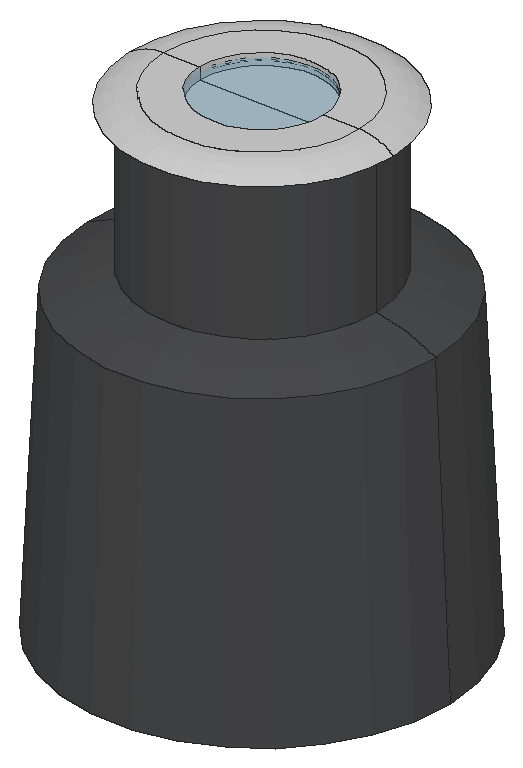
Revit family "INGROUND 2W SIMETRICA_LKB0116WW.20", category Luminarias, Revit 2019
Family settings
  Cota de conector redondo = Diámetro de uso
  Tipo de pieza = Normal
  Se basa en plano de trabajo = Sí
  Siempre vertical = No
  Corte con vacíos al cargar = No
  Origen de luz = Sí
  Compartido = No
  Punto de cálculo de habitación = No
Parameters (values of type "EMP_LKB0116WW.20")
  Ángulo de inclinación = 30.00°
  Zone [instance] = ""
  Watt per fixture = 3
  Wattage = 3 W
  built-in parameter 1150107 = 3000 (stored number, unit not read)
  built-in parameter 1150110 = 1 (stored number, unit not read)
  built-in parameter 1150109 = 1 (stored number, unit not read)
  built-in parameter 1150112 = 1 (stored number, unit not read)
  built-in parameter 1150113 = 1 (stored number, unit not read)
  built-in parameter 1114218 = 1 (stored number, unit not read)
  Keynote = ""
  built-in parameter 1150137 = (empty or 0)
  built-in parameter 1150132 = (empty or 0)
  Modelo = "LKB0116WW.20"
  Lámpara = "OSRAM"
  built-in parameter 1150105 = 11.378 (stored number, unit not read)
  built-in parameter 1150102 = (empty or 0)
  built-in parameter 1150106 = 0.11378 (stored number, unit not read)
  Lumens = 142.98 lm
  Color Filter = 16777215
  built-in parameter 1114217 = 1 (stored number, unit not read)
  built-in parameter 1150139 = (empty or 0)
  Fabricante = "BRILLANT"
  Default Elevation = 0 mm
  built-in parameter 1150104 = 4.4278 (stored number, unit not read)
  Descripción = "LUMINARIA TIPO CIRCULAR PARA EMPOTRAR EN PISO CON CUERPO DE ALUMINIO FUNDIDO A PRESION CUBIERTO CON POLVO GRIS OSCURO, CON CUBIERTA DE ACERO INOXIDABLE Y VIDRIO TEMPLADO DE 7MM, HOUSING TIPO ABS DE 48MM DE DIAMETRO Y 98MM DE PROFUNDO. CUENTA CON 1 LED OSRAM CON UNA POTENCIA TOTAL DE 3W, A UNA TEMPERATURA EN BLANCO CALIDO DE 3000K CON 143 LUMENES, 47mA EN CORRIENTE DE OPERACIÓN, IP67, IK08, IRC 80, DISPONIBLE PARA ATENUAR EN TRIAC (OPCIONAL), APERTURA EN 20 GRADOS POR PROYECTO, ALIMENTADA A 100-240V"
  built-in parameter 1150115 = 1 (stored number, unit not read)
  built-in parameter 1150114 = 1 (stored number, unit not read)
  Comentarios de vataje = "100-240V"
  built-in parameter 1150138 = (empty or 0)
  built-in parameter 1150134 = (empty or 0)
  Circuit [instance] = ""
  Dimming Lamp Color Temperature Shift = (empty or 0)
  Archivo de red fotométrica = "LKB0116WW.IES"
  built-in parameter 1150133 = 10 (stored number, unit not read)
Types (2, lengths in mm): name | Wattage | built-in parameter 1150132 | Modelo | Lámpara | built-in parameter 1150105 | built-in parameter 1150106 | Lumens | built-in parameter 1150104 | Descripción | Comentarios de vataje | Archivo de red fotométrica
  SUB_LKSC01WW.30 | 0.774192 W | 2 | "LKSC01WW.30" | "Osram" | 9.1514 (stored number, unit not read) | 0.091514 (stored number, unit not read) | 115 lm | 13.8 (stored number, unit not read) | "LUMINARIA SUB ACUATICA TIPO PUNTUAL PARA EMPOTRAR EN PISO 68.5MM DE DIAMETRO POR 135MM DE ALTO CONSIDERANDO EL HOUSING, ACABADO EN ACERO INOXIDABLE, CUERPO MOLDEADO EN CROMO, SELLO DE SILICON, VIDRIO TEMPLADO DE 7MM, 1 LED TIPO OSRAM CON UN CONSUMO TOTAL DE 3 W, 115 LUMENES, CON UNA TEMPERATURA EN BLANCO CALIDO 3000K , IP 68, IK 08, SUMERGIBLE MAXIMO 2M, CABLE H07RN DE 3M, APERTURA EN STOCK A 30 GRADOS, ALIMENTADA A 24V. REQUIERE ACCESORIOS." | "24" | "generic"
  EMP_LKB0116WW.20 | 3 W | (empty or 0) | "LKB0116WW.20" | "OSRAM" | 11.378 (stored number, unit not read) | 0.11378 (stored number, unit not read) | 142.98 lm | 4.4278 (stored number, unit not read) | "LUMINARIA TIPO CIRCULAR PARA EMPOTRAR EN PISO CON CUERPO DE ALUMINIO FUNDIDO A PRESION CUBIERTO CON POLVO GRIS OSCURO, CON CUBIERTA DE ACERO INOXIDABLE Y VIDRIO TEMPLADO DE 7MM, HOUSING TIPO ABS DE 48MM DE DIAMETRO Y 98MM DE PROFUNDO. CUENTA CON 1 LED OSRAM CON UNA POTENCIA TOTAL DE 3W, A UNA TEMPERATURA EN BLANCO CALIDO DE 3000K CON 143 LUMENES, 47mA EN CORRIENTE DE OPERACIÓN, IP67, IK08, IRC 80, DISPONIBLE PARA ATENUAR EN TRIAC (OPCIONAL), APERTURA EN 20 GRADOS POR PROYECTO, ALIMENTADA A 100-240V" | "100-240V" | "LKB0116WW.IES"
Reference planes
  plane 1 "Centro (Frontal/Posterior)": y = 0
  plane 2: z = 0
  plane 3 "Centro (Izquierda/Derecha)": x = 0
  plane 4: z = -98
  plane 5: x = -653.678
  plane 6: x = 600
  plane 7: z = -77
  plane 8: z = -80
  plane 9: z = -35
Forms (mm)
  Revolve 1, solid, material "Acero Inoxidable"
    sketch origin (0, 0, 0) x (1, 0, 0) y (0, 0, 1)
      loop
        line (-12.813, 2.379) -> (-20.307, 2.379)
        arc (-20.307, 2.379) -> (-24.095, 1.769) -> (-27.5, 0) r 12.065
        line (-27.5, 0) -> (-15.59, 0) -> (-15.59, -8.098)
        arc (-15.59, -8.098) -> (-14.091, -9.597) -> (-15.59, -11.095) r 1.499
        line (-15.59, -11.095) -> (-15.59, -19.348)
        arc (-15.59, -19.348) -> (-14.091, -20.847) -> (-15.59, -22.345) r 1.499
        line (-15.59, -22.345) -> (-15.59, -24.348)
        arc (-15.59, -24.348) -> (-14.091, -25.847) -> (-15.59, -27.345) r 1.499
        line (-15.59, -27.345) -> (-15.59, -80.004) -> (0, -80.004) -> (0, 0) -> (-12.813, 0) -> (-12.813, 2.379)
      axis (0, 2.379) -> (0, -80.004)
    angle from 0 to 360
  Extrusion 2, solid, material "Cristal"
    sketch origin (0, 0, 0) x (1, 0, 0) y (0, 1, 0)
      loop
        circle (0, 0) r 12.813
    from 0.921 to 1.499
  Extrusion 3, solid, material "Plastico"
    sketch origin (0, 0, 0) x (1, 0, 0) y (0, 1, 0)
      loop
        circle (0, 0) r 5
    from -82.702 to -80.004
  Revolve 4, solid, material "Plastico"
    sketch origin (0, 0, 0) x (1, 0, 0) y (0, 0, 1)
      loop
        line (-20.611, -0.047) -> (-24, -0.047) -> (-24, -30.282)
        arc (-24, -30.282) -> (-30.248, -32.029) -> (-36.19, -34.633) r 46.304
        line (-36.19, -34.633) -> (-39.253, -98) -> (0, -98) -> (0, -95.6) -> (-29.843, -95.6) -> (-29.843, -39.979)
        arc (-29.843, -39.979) -> (-25.307, -38.266) -> (-20.611, -37.064) r 43.904
        line (-20.611, -37.064) -> (-20.611, -0.047)
      axis (0, -0.047) -> (0, -98)
    angle from 0 to 360
Dimensions and locks
  plane 2 to plane 4 = 98 mm
  level to plane 4 = 98 mm
  level to plane 7 = 77 mm
  plane 2 to plane 8 = 80 mm
  level to plane 9 = 35 mm
  plane 3 "Centro (Izquierda/Derecha)" to Revolve 4 sketch curve = 24 mm
  plane 3 "Centro (Izquierda/Derecha)" to Revolve 1 sketch curve = 27.5 mm
  aligned and locked: level to plane 2
Connectors
  electrical at (0, 0, -98)
    settings: on Revolve 4, index 1, voltage 240 V, apparent load 0 VA, apparent load phase1 0 VA, apparent load phase2 0 VA, apparent load phase3 0 VA, power factor 1, load classification "Otro", number of poles 1, system type 31, power factor state 1, is connector primary yes, connector utility no, sub classification motor no, connector description ""
